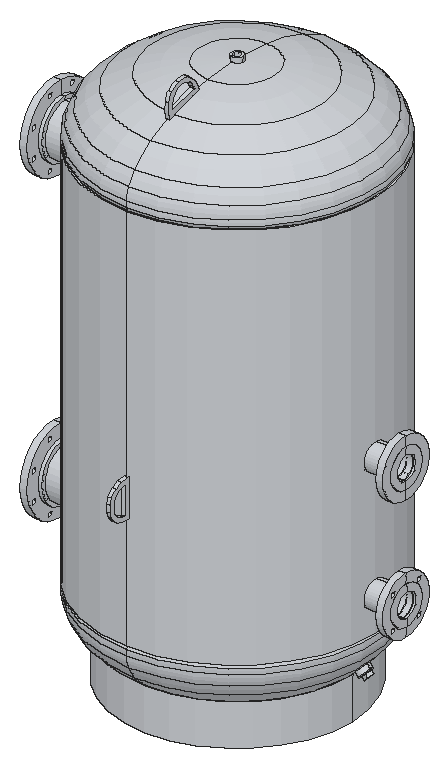
Revit family "HBT-300-36", category Generic Models, Revit 2014
Parameters (values of type "HBT-300-36")
  URL = "http://westank.com/"
  Tank Volume = 300.00 gal
  Part Number = 55643036
  Model = "HBT-300-36"
  Maximum Shipping Weight = 807 lbf
  G = 16"
  B = 6"
  A = 3"
  F = 32"
  E = 56"
  Description = "Wessels ASME 4-port primary-secondary Hot Water Buffer Tanks (HBT) are designed for use with today’s high efficiency systems that incorporate small modular low-mass boilers."
  D = 72"
  C = 36"
Reference planes (in)
  plane 1 "Center (Front/Back)": y = 0
  plane 2: z = 0
  plane 3 "Center (Left/Right)": x = 0
  plane 4: z = 0
  plane 5: x = -18
  plane 6: x = 18
  plane 7: z = 72
  plane 8: z = 56
  plane 9: z = 32
  plane 10: z = 16
Forms (in)
  Revolve 1, solid
    sketch origin (0, -0.02461, 0) x (0, 1, 0) y (0, 0, 1)
      loop
        line (-17.97559, 11.40987) -> (-17.77585, 11.40987)
        arc (-17.77585, 11.40987) -> (-17.77901, 11.38745) -> (-17.78675, 11.36617) r 0.10832
        line (-17.78675, 11.36617) -> (-17.97559, 10.97899)
        arc (-17.97559, 10.97899) -> (-17.97692, 10.6034) -> (-17.93634, 10.23002) r 3.36112
        arc (-17.93634, 10.23002) -> (-17.83534, 9.45516) -> (-17.56075, 8.72359) r 3.4127
        arc (-17.56075, 8.72359) -> (-17.14884, 7.91952) -> (-16.63227, 7.17835) r 6.68364
        arc (-16.63227, 7.17835) -> (-15.41449, 5.9118) -> (-13.99078, 4.88214) r 9.83519
        arc (-13.99078, 4.88214) -> (-12.33964, 3.99029) -> (-10.62031, 3.23825) r 22.63963
        arc (-10.62031, 3.23825) -> (-7.74153, 2.33452) -> (-4.76815, 1.82164) r 22.63963
        arc (-4.76815, 1.82164) -> (-2.37465, 1.61295) -> (0.02461, 1.4865) r 70.02787
        line (0.02461, 1.4865) -> (0.02461, 1.65848)
        arc (0.02461, 1.65848) -> (-2.3657, 1.78462) -> (-4.75028, 1.99258) r 69.85599
        arc (-4.75028, 1.99258) -> (-7.70109, 2.50157) -> (-10.55801, 3.39844) r 22.46775
        arc (-10.55801, 3.39844) -> (-12.26429, 4.14477) -> (-13.9029, 5.02985) r 22.46775
        arc (-13.9029, 5.02985) -> (-15.30173, 6.04151) -> (-16.49823, 7.28593) r 9.66331
        arc (-16.49823, 7.28593) -> (-17.00303, 8.01057) -> (-17.40515, 8.79685) r 6.51177
        arc (-17.40515, 8.79685) -> (-17.66943, 9.50016) -> (-17.76465, 10.24543) r 3.24083
        arc (-17.76465, 10.24543) -> (-17.80397, 10.58906) -> (-17.80585, 10.93493) r 3.18924
        line (-17.80585, 10.93493) -> (-17.63227, 11.29083)
        arc (-17.63227, 11.29083) -> (-17.60804, 11.35818) -> (-17.59889, 11.42917) r 0.33041
        line (-17.59889, 11.42917) -> (-17.80365, 11.42917) -> (-17.80365, 62.07314) -> (-17.59889, 62.07314)
        arc (-17.59889, 62.07314) -> (-17.60804, 62.14413) -> (-17.63227, 62.21149) r 0.33041
        line (-17.63227, 62.21149) -> (-17.80585, 62.56739)
        arc (-17.80585, 62.56739) -> (-17.80397, 62.91325) -> (-17.76465, 63.25688) r 3.18924
        arc (-17.76465, 63.25688) -> (-17.66943, 64.00215) -> (-17.40515, 64.70547) r 3.24083
        arc (-17.40515, 64.70547) -> (-17.00303, 65.49175) -> (-16.49823, 66.21639) r 6.51177
        arc (-16.49823, 66.21639) -> (-15.30173, 67.4608) -> (-13.9029, 68.47247) r 9.66331
        arc (-13.9029, 68.47247) -> (-12.26429, 69.35755) -> (-10.55801, 70.10388) r 22.46775
        arc (-10.55801, 70.10388) -> (-7.70109, 71.00074) -> (-4.75028, 71.50973) r 22.46775
        arc (-4.75028, 71.50973) -> (-2.3657, 71.71769) -> (0.02461, 71.84383) r 69.85599
        line (0.02461, 71.84383) -> (0.02461, 72.01582)
        arc (0.02461, 72.01582) -> (-2.37465, 71.88936) -> (-4.76815, 71.68068) r 70.02787
        arc (-4.76815, 71.68068) -> (-7.74153, 71.16779) -> (-10.62031, 70.26407) r 22.63963
        arc (-10.62031, 70.26407) -> (-12.33964, 69.51203) -> (-13.99078, 68.62018) r 22.63963
        arc (-13.99078, 68.62018) -> (-15.41449, 67.59052) -> (-16.63227, 66.32397) r 9.83519
        arc (-16.63227, 66.32397) -> (-17.14884, 65.58279) -> (-17.56075, 64.77872) r 6.68364
        arc (-17.56075, 64.77872) -> (-17.83534, 64.04715) -> (-17.93634, 63.2723) r 3.4127
        arc (-17.93634, 63.2723) -> (-17.97692, 62.89891) -> (-17.97559, 62.52332) r 3.36112
        line (-17.97559, 62.52332) -> (-17.78675, 62.13614)
        arc (-17.78675, 62.13614) -> (-17.77901, 62.11486) -> (-17.77585, 62.09244) r 0.10832
        line (-17.77585, 62.09244) -> (-17.97559, 62.09244) -> (-17.97559, 11.40987)
      axis (0.02461, 1.4865) -> (0.02461, 72.01582)
    angle from 0 to 360
  Revolve 2, solid
    sketch origin (1.3301, 0, 3.24654) x (0.990017, 0, -0.140951) y (0.140951, 0, 0.990017)
      loop
        line (14.71753, 6.11956) -> (14.66586, 6.1556) -> (14.25436, 5.56561) -> (14.86992, 5.13627) -> (15.24588, 5.6753) -> (15.19462, 5.71106) -> (15.31904, 5.88945) -> (14.80641, 6.24699) -> (14.71753, 6.11956)
      axis (14.25436, 5.56561) -> (14.86992, 5.13627)
    angle from 0 to 360
  Extrusion 3, solid
    sketch origin (16.3437, -180, 7.27869) x (0.681658, 0, 0.731671) y (0, -1, 0)
      loop
        line (-0.16036, -179.52645) -> (-0.95521, -179.68698) -> (-0.79485, -180.48095) -> (0, -180.32042) -> (-0.16036, -179.52645)
    from 1.02698 to 1.52678
  Extrusion 4, solid
    sketch origin (0, -6.04905, 4.9833) x (0, 1, 0) y (0, 0, 1)
      loop
        line (-11.93439, 21.33067) -> (-11.93439, 26.202)
        arc (-11.93439, 26.202) -> (-12.47846, 26.15164) -> (-13.01533, 26.05008) r 5.77422
        arc (-13.01533, 26.05008) -> (-13.49297, 25.89754) -> (-13.94252, 25.67548) r 3.35288
        arc (-13.94252, 25.67548) -> (-14.34081, 25.36666) -> (-14.64962, 24.96837) r 2.0073
        arc (-14.64962, 24.96837) -> (-14.80343, 24.58932) -> (-14.88788, 24.18906) r 2.30742
        arc (-14.88788, 24.18906) -> (-14.91277, 23.77188) -> (-14.88788, 23.3547) r 3.50846
        arc (-14.88788, 23.3547) -> (-14.79412, 22.92876) -> (-14.61961, 22.52904) r 2.24053
        arc (-14.61961, 22.52904) -> (-14.27401, 22.08806) -> (-13.80999, 21.77406) r 1.8078
        arc (-13.80999, 21.77406) -> (-13.34321, 21.55591) -> (-12.84107, 21.44044) r 2.44481
        arc (-12.84107, 21.44044) -> (-12.39043, 21.36326) -> (-11.93439, 21.33067) r 4.65484
      loop
        arc (-12.44611, 25.63929) -> (-12.67227, 25.60073) -> (-12.89654, 25.55235) r 5.2625
        arc (-12.89654, 25.55235) -> (-13.30128, 25.42308) -> (-13.68221, 25.23491) r 2.84116
        arc (-13.68221, 25.23491) -> (-13.97364, 25.01013) -> (-14.20134, 24.72098) r 1.49558
        arc (-14.20134, 24.72098) -> (-14.3163, 24.43235) -> (-14.37979, 24.12821) r 1.7957
        arc (-14.37979, 24.12821) -> (-14.40106, 23.77188) -> (-14.37979, 23.41555) r 2.99674
        arc (-14.37979, 23.41555) -> (-14.30745, 23.08689) -> (-14.17279, 22.77846) r 1.72881
        arc (-14.17279, 22.77846) -> (-13.91552, 22.45353) -> (-13.56884, 22.22643) r 1.29608
        arc (-13.56884, 22.22643) -> (-13.1779, 22.0402) -> (-12.75531, 21.94566) r 1.9331
        arc (-12.75531, 21.94566) -> (-12.60126, 21.91347) -> (-12.44611, 21.88716) r 4.14312
        line (-12.44611, 21.88716) -> (-12.44611, 25.63929)
    from -0.24366 to 0.25634
  Extrusion 5, solid
    sketch origin (0, -28.53332, 53.09576) x (0, 0.284015, -0.95882) y (0, 0.95882, 0.284015)
      loop
        arc (-11.9298, 25.67102) -> (-12.15596, 25.63246) -> (-12.38023, 25.58408) r 5.2625
        arc (-12.38023, 25.58408) -> (-12.78497, 25.45482) -> (-13.16591, 25.26664) r 2.84116
        arc (-13.16591, 25.26664) -> (-13.45733, 25.04186) -> (-13.68503, 24.75271) r 1.49558
        arc (-13.68503, 24.75271) -> (-13.8, 24.46408) -> (-13.86349, 24.15994) r 1.7957
        arc (-13.86349, 24.15994) -> (-13.88475, 23.80361) -> (-13.86349, 23.44728) r 2.99674
        arc (-13.86349, 23.44728) -> (-13.79114, 23.11862) -> (-13.65649, 22.81019) r 1.72881
        arc (-13.65649, 22.81019) -> (-13.39922, 22.48527) -> (-13.05253, 22.25816) r 1.29608
        arc (-13.05253, 22.25816) -> (-12.66159, 22.07193) -> (-12.239, 21.97739) r 1.9331
        arc (-12.239, 21.97739) -> (-12.08496, 21.94521) -> (-11.9298, 21.91889) r 4.14312
        line (-11.9298, 21.91889) -> (-11.9298, 25.67102)
      loop
        line (-11.25461, 21.34343) -> (-11.25461, 26.18965)
        arc (-11.25461, 26.18965) -> (-12.15974, 26.1622) -> (-13.02719, 25.90227) r 3.48194
        arc (-13.02719, 25.90227) -> (-13.54727, 25.6041) -> (-13.99851, 25.20943) r 3.03185
        arc (-13.99851, 25.20943) -> (-14.28248, 24.55653) -> (-14.39992, 23.8543) r 2.91879
        arc (-14.39992, 23.8543) -> (-14.3348, 23.1787) -> (-14.08611, 22.54717) r 2.44012
        arc (-14.08611, 22.54717) -> (-13.716, 22.08641) -> (-13.21844, 21.76749) r 1.83162
        arc (-13.21844, 21.76749) -> (-12.25729, 21.45928) -> (-11.25461, 21.34343) r 5.1769
    from -0.24366 to 0.25634
  Extrusion 6, solid
    sketch origin (0, 0, 0) x (1, 0, 0) y (0, 1, 0)
      loop
        circle (0, 0) r 0.75
      loop
        circle (0, 0) r 0.5
    from 71.36613 to 72.49354
  Extrusion 7, void
    sketch origin (0, 0, 0) x (1, 0, 0) y (0, 1, 0)
      loop
        circle (0, 0) r 0.5
    from 70.90268 to 73.75579
  Revolve 8, solid
    sketch origin (0, 0, 0) x (1, 0, 0) y (0, 0, 1)
      loop
        line (14.82824, 5.43485) -> (14.82824, 0) -> (15, 0) -> (15, 5.43485) -> (14.82824, 5.43485)
      axis (0, 5.43485) -> (0, 0)
    angle from 0 to 360
  Extrusion 9, solid
    sketch origin (16.3437, -180, 7.27869) x (0.681658, 0, 0.731671) y (0, -1, 0)
      loop
        line (-0.16036, -179.52645) -> (-0.95521, -179.68698) -> (-0.79485, -180.48095) -> (0, -180.32042) -> (-0.16036, -179.52645)
    from 1.02698 to 1.52678
  Extrusion 10, void
    sketch origin (0, 0, 0.25) x (0, 1, 0) y (0, 0, 1)
      loop
        circle (0, 55.75) r 3.03236
    from -21.98599 to -16.85333
  Extrusion 11, void
    sketch origin (-3.60333, 0.13917, 2.92009) x (0, 1, 0) y (0, 0, -1)
      loop
        circle (1.69719, -17.48433) r 0.39709
      loop
        circle (-1.9754, -17.46881) r 0.36639
      loop
        circle (-4.51769, -14.87895) r 0.39644
      loop
        circle (-4.52689, -11.27295) r 0.39509
      loop
        circle (-1.97257, -8.6987) r 0.36154
      loop
        circle (1.64514, -8.71232) r 0.37125
      loop
        circle (4.24496, -14.89528) r 0.38234
      loop
        circle (4.26498, -11.26686) r 0.36602
    from 22.86736 to 18.16765
  Revolve 12, solid
    sketch origin (-2.98639, 0, 1.50063) x (-1, 0, 0) y (0, 0, 1)
      loop
        line (19.42942, 11.18586) -> (19.42942, 10.71812) -> (19.99192, 10.71812) -> (19.99192, 8.99937) -> (20.92942, 8.99937) -> (20.92942, 10.24937) -> (20.99192, 10.24937) -> (20.99192, 11.18586) -> (19.42942, 11.18586)
      axis (20.99192, 14.49937) -> (19.42942, 14.49937)
    angle from 0 to 360
  Revolve 13, solid
    sketch origin (-3.58795, 0, 1.50258) x (1, 0, 0) y (0, 0, 1)
      loop
        line (-13.76536, 11.46505) -> (-19.89036, 11.46505) -> (-19.89036, 11.18492) -> (-13.76536, 11.18492) -> (-13.76536, 11.46505)
      axis (-19.89036, 14.49742) -> (-13.76536, 14.49742)
    angle from 0 to 360
  Extrusion 14, void
    sketch origin (0, 0, 0) x (0, 1, 0) y (0, 0, 1)
      loop
        circle (0, 16) r 3.03236
    from -25.80262 to -14.49862
  Revolve 15, solid
    sketch origin (-2.98639, 0, 41.50063) x (-1, 0, 0) y (0, 0, 1)
      loop
        line (19.42942, 11.18586) -> (19.42942, 10.71812) -> (19.99192, 10.71812) -> (19.99192, 8.99937) -> (20.92942, 8.99937) -> (20.92942, 10.24937) -> (20.99192, 10.24937) -> (20.99192, 11.18586) -> (19.42942, 11.18586)
      axis (20.99192, 14.49937) -> (19.42942, 14.49937)
    angle from 0 to 360
  Revolve 16, solid
    sketch origin (-3.58795, 0, 41.50258) x (1, 0, 0) y (0, 0, 1)
      loop
        line (-13.76536, 11.46505) -> (-19.89036, 11.46505) -> (-19.89036, 11.18492) -> (-13.76536, 11.18492) -> (-13.76536, 11.46505)
      axis (-19.89036, 14.49742) -> (-13.76536, 14.49742)
    angle from 0 to 360
  Extrusion 17, void
    sketch origin (-3.60333, 0.13917, 42.93945) x (0, 1, 0) y (0, 0, -1)
      loop
        circle (1.69719, -17.48433) r 0.39709
      loop
        circle (-1.9754, -17.46881) r 0.36639
      loop
        circle (-4.51769, -14.87895) r 0.39644
      loop
        circle (-4.52689, -11.27295) r 0.39509
      loop
        circle (-1.97257, -8.6987) r 0.36154
      loop
        circle (1.64514, -8.71232) r 0.37125
      loop
        circle (4.24496, -14.89528) r 0.38234
      loop
        circle (4.26498, -11.26686) r 0.36602
    from 22.86736 to 18.16765
  Revolve 18, solid
    sketch origin (3.00177, 0, 1.50063) x (1, 0, 0) y (0, 0, 1)
      loop
        line (17.8121, 12.9645) -> (17.8121, 12.37455) -> (18.0621, 12.37455) -> (18.0621, 10.7494) -> (18.9371, 10.7494) -> (18.9371, 11.9994) -> (18.9996, 11.9994) -> (18.9996, 12.9645) -> (17.8121, 12.9645)
      axis (18.9996, 14.49937) -> (17.8121, 14.49937)
    angle from 0 to 360
  Revolve 19, solid
    sketch origin (3.60333, 0, 1.50258) x (-1, 0, 0) y (0, 0, 1)
      loop
        line (-13.89804, 12.96328) -> (-18.02304, 12.96328) -> (-18.02304, 12.74742) -> (-13.89804, 12.74742) -> (-13.89804, 12.96328)
      axis (-18.02304, 14.49742) -> (-13.89804, 14.49742)
    angle from 0 to 360
  Extrusion 20, void
    sketch origin (3.60333, 0.13917, 1.92009) x (0, 1, 0) y (0, 0, 1)
      loop
        circle (1.97118, 16.20314) r 0.37532
      loop
        circle (1.96878, 11.97252) r 0.37532
      loop
        circle (-2.27402, 16.19873) r 0.37532
      loop
        circle (-2.3006, 11.98745) r 0.37532
    from 15.80097 to 20.25
  Revolve 21, solid
    sketch origin (2.99409, 0, 17.50063) x (1, 0, 0) y (0, 0, 1)
      loop
        line (17.8121, 12.9645) -> (17.8121, 12.37455) -> (18.0621, 12.37455) -> (18.0621, 10.7494) -> (18.9371, 10.7494) -> (18.9371, 11.9994) -> (18.9996, 11.9994) -> (18.9996, 12.9645) -> (17.8121, 12.9645)
      axis (18.9996, 14.49937) -> (17.8121, 14.49937)
    angle from 0 to 360
  Revolve 22, solid
    sketch origin (3.59565, 0, 17.50259) x (-1, 0, 0) y (0, 0, 1)
      loop
        line (-13.89804, 12.96328) -> (-18.02304, 12.96328) -> (-18.02304, 12.74742) -> (-13.89804, 12.74742) -> (-13.89804, 12.96328)
      axis (-18.02304, 14.49742) -> (-13.89804, 14.49742)
    angle from 0 to 360
  Extrusion 23, void
    sketch origin (34.97968, 0, -23.75) x (0, 1, 0) y (0, 0, 1)
      loop
        circle (0, 55.75) r 1.53414
    from -21.98599 to -8.57538
  Extrusion 24, void
    sketch origin (34.98737, 0, -39.75) x (0, 1, 0) y (0, 0, 1)
      loop
        circle (0, 55.75) r 1.53414
    from -21.98599 to -12.08307
Cuts and joins
  joined: Extrusion 3, Extrusion 4, Extrusion 5, Extrusion 6, Revolve 8
  Extrusion 7, Extrusion 10, Extrusion 14, Extrusion 23, Extrusion 24 cuts Revolve 1
  Extrusion 10 cuts Revolve 16
  Extrusion 11 cuts Revolve 12
  Extrusion 14 cuts Revolve 13
  Extrusion 17 cuts Revolve 15
  Extrusion 20 cuts Revolve 18
  Extrusion 23 cuts Revolve 22
  Extrusion 24 cuts Revolve 19
Dimensions and locks (in)
  "D": plane 7 to plane 4
  "G": plane 10 to plane 4
  "F": plane 9 to plane 4
  "E": plane 8 to plane 4
  "C": plane 6 to plane 5
  aligned and locked: plane 2 to level
Automatic sketch dimensions
  Revolve 1 sketch curve to Revolve 1 sketch curve = 0"  (x56)
  Revolve 1 sketch curve to plane 1 "Center (Front/Back)" = 0"  (x3)
  plane 1 "Center (Front/Back)" to Revolve 1 sketch curve = 2.43969"  (x2)
  Revolve 1 sketch curve to plane 10 = 2.66549"
  plane 1 "Center (Front/Back)" to Revolve 1 sketch curve = 8.98663"  (x2)
  plane 8 to Revolve 1 sketch curve = 4.16781"
  Revolve 1 sketch curve to Revolve 1 sketch curve = 2.45782"  (x2)
  Revolve 1 sketch curve to Revolve 1 sketch curve = 3.10417"  (x2)
  Revolve 1 sketch curve to Revolve 1 sketch curve = 0.0964"  (x2)
  Revolve 1 sketch curve to Revolve 1 sketch curve = 2.97849"  (x2)
  plane 8 to Revolve 1 sketch curve = 6.21149"
  Revolve 1 sketch curve to Revolve 1 sketch curve = 0.03338"  (x2)
  Revolve 1 sketch curve to plane 10 = 4.70917"
  Revolve 1 sketch curve to Revolve 1 sketch curve = 0.17696"  (x2)
  Revolve 1 sketch curve to plane 10 = 4.63383"
  Revolve 1 sketch curve to Revolve 1 sketch curve = 0.0109"  (x2)
  plane 8 to Revolve 1 sketch curve = 6.13614"
  Revolve 1 sketch curve to Revolve 1 sketch curve = 0.0278"
  plane 8 to Revolve 1 sketch curve = 6.56739"
  Revolve 1 sketch curve to Revolve 1 sketch curve = 0.17358"  (x2)
  Revolve 1 sketch curve to plane 10 = 5.06507"
  Revolve 1 sketch curve to Revolve 1 sketch curve = 0.08045"  (x2)
  Revolve 1 sketch curve to Revolve 1 sketch curve = 0.04514"  (x2)
  Revolve 1 sketch curve to Revolve 1 sketch curve = 0.04635"
  Revolve 1 sketch curve to plane 10 = 5.02101"
  Revolve 1 sketch curve to Revolve 1 sketch curve = 0.16974"  (x2)
  plane 8 to Revolve 1 sketch curve = 6.52332"
  Revolve 1 sketch curve to plane 7 = 0.52976"
  Revolve 1 sketch curve to plane 1 "Center (Front/Back)" = 2.48565"  (x2)
  Revolve 1 sketch curve to Revolve 1 sketch curve = 0.51151"
  Revolve 1 sketch curve to Revolve 1 sketch curve = 0.49854"  (x2)
  level to Revolve 1 sketch curve = 2.03208"
  level to Revolve 1 sketch curve = 1.65848"
  Revolve 1 sketch curve to Revolve 1 sketch curve = 0.17198"
  Revolve 1 sketch curve to Revolve 1 sketch curve = 1 249/256"  (x2)
  Revolve 1 sketch curve to Revolve 1 sketch curve = 0.0437"
  Revolve 1 sketch curve to Revolve 1 sketch curve = 0.0193"
  Revolve 1 sketch curve to plane 9 = 7.66135"
  Revolve 1 sketch curve to plane 8 = 6.83634"
  Revolve 1 sketch curve to Revolve 1 sketch curve = 0.0695"
  Revolve 1 sketch curve to Revolve 1 sketch curve = 0.02202"
  Revolve 1 sketch curve to Revolve 1 sketch curve = 0.64986"
  Revolve 1 sketch curve to plane 7 = 0.15617"
  plane 7 to Revolve 1 sketch curve = 0.01582"
  Revolve 1 sketch curve to plane 7 = 1.89612"
  level to Revolve 1 sketch curve = 3 51/128"
  Revolve 1 sketch curve to Revolve 1 sketch curve = 0.06229"  (x2)
  Revolve 1 sketch curve to Revolve 1 sketch curve = 0.90692"  (x2)
  Revolve 1 sketch curve to Revolve 1 sketch curve = 0.1556"  (x2)
  Revolve 1 sketch curve to plane 9 = 3.10692"
  plane 9 to Revolve 1 sketch curve = 0.64308"
  Revolve 2 sketch curve to plane 6 = 1.77337"
  level to Revolve 2 sketch curve = 6.74742"
  Revolve 2 sketch curve to Revolve 2 sketch curve = 0.4115"
  Revolve 2 sketch curve to Revolve 2 sketch curve = 0.05167"
  Revolve 2 sketch curve to Revolve 2 sketch curve = 0.08888"
  Revolve 2 sketch curve to Revolve 2 sketch curve = 0.61556"
  Revolve 2 sketch curve to Revolve 2 sketch curve = 0.47709"
  Revolve 2 sketch curve to Revolve 2 sketch curve = 0.05126"
  Revolve 2 sketch curve to Revolve 2 sketch curve = 0.42934"
  Revolve 2 sketch curve to Revolve 2 sketch curve = 0.12768"
  Revolve 2 sketch curve to Revolve 2 sketch curve = 0"  (x2)
  Revolve 2 sketch curve to Revolve 2 sketch curve = 0.08905"
  plane 1 "Center (Front/Back)" to Extrusion 3 sketch curve = 0.31302"
  Extrusion 3 sketch curve to plane 1 "Center (Front/Back)" = 0.48095"
  Extrusion 3 sketch curve to Extrusion 3 sketch curve = 0.16036"  (x2)
  plane 1 "Center (Front/Back)" to Extrusion 3 sketch curve = 0.47355"
  Extrusion 3 sketch curve to Extrusion 3 sketch curve = 0.79485"
  Extrusion 3 sketch curve to plane 1 "Center (Front/Back)" = 0.32042"
  Extrusion 4 sketch curve to Extrusion 4 sketch curve = 0"  (x24)
  Extrusion 4 sketch curve to plane 9 = 3.6065"
  plane 1 "Center (Front/Back)" to Extrusion 4 sketch curve = 19.09014"
  Extrusion 4 sketch curve to Extrusion 4 sketch curve = 0.11966"
  Extrusion 4 sketch curve to Extrusion 4 sketch curve = 0.25819"
  Extrusion 4 sketch curve to Extrusion 4 sketch curve = 17/256"
  Extrusion 4 sketch curve to Extrusion 4 sketch curve = 0.04958"
  Extrusion 4 sketch curve to Extrusion 4 sketch curve = 0.15073"
  Extrusion 4 sketch curve to Extrusion 4 sketch curve = 0.20915"
  Extrusion 4 sketch curve to Extrusion 4 sketch curve = 131/256"
  Extrusion 4 sketch curve to Extrusion 4 sketch curve = 0.10338"
  Extrusion 4 sketch curve to Extrusion 4 sketch curve = 0.25955"
  Extrusion 4 sketch curve to Extrusion 4 sketch curve = 1.14294"
  Extrusion 4 sketch curve to Extrusion 4 sketch curve = 0.62139"
  Extrusion 4 sketch curve to Extrusion 4 sketch curve = 0.90165"
  Extrusion 4 sketch curve to Extrusion 4 sketch curve = 0.55648"
  Extrusion 4 sketch curve to Extrusion 4 sketch curve = 0.89706"
  Extrusion 4 sketch curve to Extrusion 4 sketch curve = 27/128"
  Extrusion 4 sketch curve to Extrusion 4 sketch curve = 0.15076"
  Extrusion 4 sketch curve to Extrusion 4 sketch curve = 0.24641"
  Extrusion 4 sketch curve to Extrusion 4 sketch curve = 0.04716"
  Extrusion 4 sketch curve to Extrusion 4 sketch curve = 0.0326"
  Extrusion 4 sketch curve to plane 9 = 1.37741"
  Extrusion 4 sketch curve to Extrusion 4 sketch curve = 0.34507"
  Extrusion 4 sketch curve to Extrusion 4 sketch curve = 0.21764"
  Extrusion 4 sketch curve to Extrusion 4 sketch curve = 1.12273"
  Extrusion 4 sketch curve to Extrusion 4 sketch curve = 0.78568"
  Extrusion 4 sketch curve to Extrusion 4 sketch curve = 0.24115"
  Extrusion 4 sketch curve to Extrusion 4 sketch curve = 0.2603"
  Extrusion 4 sketch curve to Extrusion 4 sketch curve = 0.60395"
  Extrusion 4 sketch curve to Extrusion 4 sketch curve = 0.51913"
  Extrusion 4 sketch curve to Extrusion 4 sketch curve = 0.44682"
  Extrusion 4 sketch curve to Extrusion 4 sketch curve = 0.44829"
  Extrusion 6 sketch curve to Extrusion 6 sketch curve = 0"  (x2)
  plane 1 "Center (Front/Back)" to Extrusion 6 sketch curve = 0"
  Extrusion 6 sketch curve to plane 3 "Center (Left/Right)" = 0"
  Extrusion 7 sketch curve to Extrusion 7 sketch curve = 0"  (x2)
  plane 1 "Center (Front/Back)" to Extrusion 7 sketch curve = 0"
  Extrusion 7 sketch curve to plane 3 "Center (Left/Right)" = 0"
  Extrusion 7 sketch curve to plane 3 "Center (Left/Right)" = 1/2"
  Revolve 8 sketch curve to plane 3 "Center (Left/Right)" = 0"
  Revolve 8 sketch curve to level = 0"
  Revolve 8 sketch curve to plane 6 = 3.17176"
  Revolve 8 sketch curve to Revolve 8 sketch curve = 0.17176"
  level to Revolve 8 sketch curve = 5.43485"
  level to Revolve 8 sketch curve = 4.69941"
  Revolve 8 sketch curve to Revolve 8 sketch curve = 1"
  Extrusion 5 sketch curve to plane 7 = 0.23736"
  plane 1 "Center (Front/Back)" to Extrusion 5 sketch curve = 9.61397"
  Extrusion 5 sketch curve to Extrusion 5 sketch curve = 0.03301"
  Extrusion 5 sketch curve to Extrusion 5 sketch curve = 0.08665"
  Extrusion 5 sketch curve to Extrusion 5 sketch curve = 0.34483"
  Extrusion 5 sketch curve to Extrusion 5 sketch curve = 17/256"
  Extrusion 5 sketch curve to Extrusion 5 sketch curve = 0.04958"
  Extrusion 5 sketch curve to Extrusion 5 sketch curve = 0.06885"
  Extrusion 5 sketch curve to Extrusion 5 sketch curve = 0.15073"
  Extrusion 5 sketch curve to Extrusion 5 sketch curve = 0.36028"
  Extrusion 5 sketch curve to Extrusion 5 sketch curve = 0.06601"
  Extrusion 5 sketch curve to Extrusion 5 sketch curve = 0.11815"
  Extrusion 5 sketch curve to Extrusion 5 sketch curve = 0.47821"
  Extrusion 5 sketch curve to Extrusion 5 sketch curve = 0.6151"
  Extrusion 5 sketch curve to Extrusion 5 sketch curve = 0.0601"
  Extrusion 5 sketch curve to Extrusion 5 sketch curve = 0.09002"
  Extrusion 5 sketch curve to Extrusion 5 sketch curve = 0.09607"
  Extrusion 5 sketch curve to Extrusion 5 sketch curve = 0.59588"
  Extrusion 5 sketch curve to Extrusion 5 sketch curve = 0.3061"
  Extrusion 5 sketch curve to Extrusion 5 sketch curve = 0.31529"
  Extrusion 5 sketch curve to Extrusion 5 sketch curve = 0.0954"
  Extrusion 5 sketch curve to Extrusion 5 sketch curve = 0.80625"
  Extrusion 5 sketch curve to Extrusion 5 sketch curve = 0.57547"
  Extrusion 5 sketch curve to Extrusion 5 sketch curve = 0.87808"
  Extrusion 5 sketch curve to Extrusion 5 sketch curve = 0.00686"
  Extrusion 5 sketch curve to Extrusion 5 sketch curve = 0.20406"
  Extrusion 5 sketch curve to Extrusion 5 sketch curve = 0.59172"
  Extrusion 5 sketch curve to Extrusion 5 sketch curve = 0.09548"
  Extrusion 5 sketch curve to Extrusion 5 sketch curve = 0.07607"
  Extrusion 5 sketch curve to Extrusion 5 sketch curve = 0.15093"
  Extrusion 5 sketch curve to Extrusion 5 sketch curve = 0.04716"
  Extrusion 5 sketch curve to Extrusion 5 sketch curve = 0.0326"
  Extrusion 5 sketch curve to Extrusion 5 sketch curve = 1.7246"
  Extrusion 5 sketch curve to Extrusion 5 sketch curve = 0.34507"
  Extrusion 5 sketch curve to Extrusion 5 sketch curve = 0.17356"
  Extrusion 5 sketch curve to Extrusion 5 sketch curve = 0.32989"
  Extrusion 5 sketch curve to Extrusion 5 sketch curve = 0"  (x6)
  Extrusion 5 sketch curve to Extrusion 5 sketch curve = 0.1659"
  Extrusion 5 sketch curve to Extrusion 5 sketch curve = 0.13872"
  Extrusion 5 sketch curve to Extrusion 5 sketch curve = 0.42962"
  Extrusion 5 sketch curve to Extrusion 5 sketch curve = 0.51913"
  Extrusion 5 sketch curve to Extrusion 5 sketch curve = 0.31348"
  plane 1 "Center (Front/Back)" to Extrusion 9 sketch curve = 0.31302"
  Extrusion 9 sketch curve to plane 1 "Center (Front/Back)" = 0.48095"
  Extrusion 9 sketch curve to Extrusion 9 sketch curve = 0.16036"  (x2)
  plane 1 "Center (Front/Back)" to Extrusion 9 sketch curve = 0.47355"
  Extrusion 9 sketch curve to Extrusion 9 sketch curve = 0.79485"
  Extrusion 9 sketch curve to plane 1 "Center (Front/Back)" = 0.32042"
  Extrusion 10 sketch curve to Extrusion 10 sketch curve = 0"  (x2)
  Extrusion 10 sketch curve to plane 1 "Center (Front/Back)" = 0"
  Extrusion 10 sketch curve to plane 8 = 0"
  Extrusion 10 sketch curve to plane 8 = 3.03236"
  Extrusion 11 sketch curve to plane 10 = 1.80696"
  plane 1 "Center (Front/Back)" to Extrusion 11 sketch curve = 4.38772"
  plane 10 to Extrusion 11 sketch curve = 1.79904"
  Extrusion 11 sketch curve to Extrusion 11 sketch curve = 0.0092"
  plane 1 "Center (Front/Back)" to Extrusion 11 sketch curve = 1.83624"
  plane 1 "Center (Front/Back)" to Extrusion 11 sketch curve = 1.8334"
  Extrusion 11 sketch curve to plane 1 "Center (Front/Back)" = 1.78431"
  Extrusion 11 sketch curve to plane 1 "Center (Front/Back)" = 1.83636"
  plane 10 to Extrusion 11 sketch curve = 1.81537"
  Extrusion 11 sketch curve to Extrusion 11 sketch curve = 2.54777"
  Extrusion 11 sketch curve to plane 10 = 1.81305"
  Extrusion 11 sketch curve to Extrusion 11 sketch curve = 0.02003"
  Extrusion 11 sketch curve to Extrusion 11 sketch curve = 2 151/256"
  Extrusion 11 sketch curve to Extrusion 11 sketch curve = 2.58906"
  Extrusion 11 sketch curve to Extrusion 11 sketch curve = 2.55454"
  Extrusion 11 sketch curve to Extrusion 11 sketch curve = 0.01362"
  Revolve 12 sketch curve to plane 10 = 0"
  plane 5 to Revolve 12 sketch curve = 4.41581"
  Revolve 12 sketch curve to Revolve 12 sketch curve = 9/16"
  Revolve 12 sketch curve to Revolve 12 sketch curve = 15/16"
  Revolve 12 sketch curve to Revolve 12 sketch curve = 1/16"
  plane 10 to Revolve 12 sketch curve = 3.31351"
  Revolve 12 sketch curve to Revolve 12 sketch curve = 0.46774"
  Revolve 12 sketch curve to Revolve 12 sketch curve = 0.9365"
  Revolve 12 sketch curve to Revolve 12 sketch curve = 1 1/4"
  Revolve 12 sketch curve to plane 5 = 0.59331"
  Revolve 12 sketch curve to Revolve 12 sketch curve = 0.68278"
  Revolve 13 sketch curve to plane 10 = 0"
  Revolve 13 sketch curve to plane 5 = 5.47831"
  plane 5 to Revolve 13 sketch curve = 0.64669"
  Revolve 13 sketch curve to plane 10 = 3.03236"
  Revolve 13 sketch curve to Revolve 13 sketch curve = 0.28014"
  Revolve 13 sketch curve to plane 5 = 0.15872"
  plane 5 to Revolve 13 sketch curve = 0.20143"
  Extrusion 14 sketch curve to Extrusion 14 sketch curve = 0"  (x2)
  Extrusion 14 sketch curve to plane 1 "Center (Front/Back)" = 0"
  Extrusion 14 sketch curve to plane 10 = 0"
  Extrusion 14 sketch curve to plane 10 = 3.03236"
  Revolve 15 sketch curve to plane 8 = 0"
  plane 5 to Revolve 15 sketch curve = 4.41581"
  Revolve 15 sketch curve to Revolve 15 sketch curve = 9/16"
  Revolve 15 sketch curve to Revolve 15 sketch curve = 15/16"
  Revolve 15 sketch curve to Revolve 15 sketch curve = 1/16"
  plane 8 to Revolve 15 sketch curve = 3.31351"
  Revolve 15 sketch curve to Revolve 15 sketch curve = 0.46774"
  Revolve 15 sketch curve to Revolve 15 sketch curve = 0.9365"
  Revolve 15 sketch curve to Revolve 15 sketch curve = 1 1/4"
  Revolve 15 sketch curve to plane 5 = 0.59331"
  Revolve 15 sketch curve to Revolve 15 sketch curve = 0.68278"
  Revolve 16 sketch curve to plane 8 = 0"
  Revolve 16 sketch curve to plane 5 = 5.47831"
  plane 5 to Revolve 16 sketch curve = 0.64669"
  Revolve 16 sketch curve to plane 8 = 3.03236"
  Revolve 16 sketch curve to Revolve 16 sketch curve = 0.28014"
  Revolve 16 sketch curve to plane 5 = 0.15872"
  plane 5 to Revolve 16 sketch curve = 0.20143"
  Extrusion 17 sketch curve to plane 8 = 1.78759"
  plane 1 "Center (Front/Back)" to Extrusion 17 sketch curve = 4.38772"
  Extrusion 17 sketch curve to Extrusion 17 sketch curve = 0.0092"
  plane 1 "Center (Front/Back)" to Extrusion 17 sketch curve = 1.83624"
  plane 1 "Center (Front/Back)" to Extrusion 17 sketch curve = 1.8334"
  Extrusion 17 sketch curve to plane 1 "Center (Front/Back)" = 1.78431"
  Extrusion 17 sketch curve to plane 1 "Center (Front/Back)" = 1.83636"
  Extrusion 17 sketch curve to Extrusion 17 sketch curve = 2.54777"
  Extrusion 17 sketch curve to plane 8 = 1.79368"
  Extrusion 17 sketch curve to Extrusion 17 sketch curve = 0.02003"
  plane 8 to Extrusion 17 sketch curve = 1.8184"
  plane 8 to Extrusion 17 sketch curve = 1.83473"
  Extrusion 17 sketch curve to Extrusion 17 sketch curve = 2 151/256"
  Extrusion 17 sketch curve to Extrusion 17 sketch curve = 2.58906"
  Extrusion 17 sketch curve to Extrusion 17 sketch curve = 2.55454"
  Extrusion 17 sketch curve to Extrusion 17 sketch curve = 0.01362"
  Revolve 18 sketch curve to plane 10 = 0"
  plane 6 to Revolve 18 sketch curve = 2.81387"
  Revolve 18 sketch curve to Revolve 18 sketch curve = 1/4"
  Revolve 18 sketch curve to Revolve 18 sketch curve = 7/8"
  Revolve 18 sketch curve to Revolve 18 sketch curve = 1/16"
  Revolve 18 sketch curve to plane 10 = 1.53487"
  Revolve 18 sketch curve to Revolve 18 sketch curve = 0.58995"
  Revolve 18 sketch curve to Revolve 18 sketch curve = 0.96511"
  Revolve 18 sketch curve to Revolve 18 sketch curve = 1 1/4"
  Revolve 18 sketch curve to plane 6 = 0.57793"
  Revolve 18 sketch curve to Revolve 18 sketch curve = 0.68278"
  Revolve 19 sketch curve to plane 10 = 0"
  plane 10 to Revolve 19 sketch curve = 1 3/4"
  Revolve 19 sketch curve to plane 6 = 3.62637"
  plane 6 to Revolve 19 sketch curve = 0.49863"
  Revolve 19 sketch curve to Revolve 19 sketch curve = 0.21586"
  Revolve 19 sketch curve to plane 6 = 0.1741"
  plane 6 to Revolve 19 sketch curve = 0.18605"
  plane 1 "Center (Front/Back)" to Extrusion 20 sketch curve = 2.16143"
  plane 1 "Center (Front/Back)" to Extrusion 20 sketch curve = 2.13485"
  Extrusion 20 sketch curve to plane 1 "Center (Front/Back)" = 2.10795"
  Extrusion 20 sketch curve to plane 1 "Center (Front/Back)" = 2.11035"
  Extrusion 20 sketch curve to plane 10 = 2.10739"
  Extrusion 20 sketch curve to plane 10 = 2.09245"
  plane 10 to Extrusion 20 sketch curve = 2.11883"
  plane 10 to Extrusion 20 sketch curve = 2.12323"
  plane 6 to Revolve 21 sketch curve = 2.80619"
  Revolve 21 sketch curve to Revolve 21 sketch curve = 1/4"
  Revolve 21 sketch curve to Revolve 21 sketch curve = 7/8"
  Revolve 21 sketch curve to Revolve 21 sketch curve = 1/16"
  Revolve 21 sketch curve to plane 9 = 3.74997"
  Revolve 21 sketch curve to Revolve 21 sketch curve = 1 1/4"
  Revolve 21 sketch curve to Revolve 21 sketch curve = 0.37515"
  Revolve 21 sketch curve to Revolve 21 sketch curve = 0.58995"
  plane 9 to Revolve 21 sketch curve = 0"
  Revolve 21 sketch curve to plane 6 = 0.58561"
  Revolve 21 sketch curve to Revolve 21 sketch curve = 0.68278"
  plane 9 to Revolve 22 sketch curve = 1 3/4"
  Revolve 22 sketch curve to plane 6 = 3.61869"
  plane 6 to Revolve 22 sketch curve = 0.50631"
  Revolve 22 sketch curve to Revolve 22 sketch curve = 0.21586"
  Revolve 22 sketch curve to plane 9 = 0"
  Revolve 22 sketch curve to plane 6 = 0.16642"
  plane 6 to Revolve 22 sketch curve = 0.19373"
  Extrusion 23 sketch curve to Extrusion 23 sketch curve = 0"  (x2)
  Extrusion 23 sketch curve to plane 1 "Center (Front/Back)" = 0"
  plane 9 to Extrusion 23 sketch curve = 0"
  Extrusion 23 sketch curve to plane 9 = 1.53414"
  Extrusion 24 sketch curve to Extrusion 24 sketch curve = 0"  (x2)
  Extrusion 24 sketch curve to plane 1 "Center (Front/Back)" = 0"
  Extrusion 24 sketch curve to plane 10 = 0"
  Extrusion 24 sketch curve to plane 10 = 1.53414"
  radius of Extrusion 6 sketch curve = 3/4"
  radius of Extrusion 6 sketch curve = 1/2"
  radius of Extrusion 11 sketch curve = 0.39709"
  radius of Extrusion 11 sketch curve = 0.36639"
  radius of Extrusion 11 sketch curve = 0.39644"
  radius of Extrusion 11 sketch curve = 0.39509"
  radius of Extrusion 11 sketch curve = 0.36154"
  radius of Extrusion 11 sketch curve = 0.37125"
  radius of Extrusion 11 sketch curve = 0.38234"
  radius of Extrusion 11 sketch curve = 0.36602"
  radius of Extrusion 17 sketch curve = 0.39709"
  radius of Extrusion 17 sketch curve = 0.36639"
  radius of Extrusion 17 sketch curve = 0.39644"
  radius of Extrusion 17 sketch curve = 0.39509"
  radius of Extrusion 17 sketch curve = 0.36154"
  radius of Extrusion 17 sketch curve = 0.37125"
  radius of Extrusion 17 sketch curve = 0.38234"
  radius of Extrusion 17 sketch curve = 0.36602"
  radius of Extrusion 20 sketch curve = 0.37532"  (x4)
Connectors (in)
  piping at (-23.97831, 0, 16), diameter 6, driven by "B"
    settings: on Revolve 12, index 19, connector inside diameter 24", connector length 0", flow factor 0, pipe flow 0 GPM, pressure drop 0.00 psi, fitting loss kfactor 0, connector angle 0°, fixture units 0, engagement length 0", angle of deflection 0°, flow configuration 0, flow direction 0, fitting loss method 0, system type 7, joint type 0, gender type 0, connector reference index -1, connector utility 0, adjustable connector no, is connector primary yes, connector description ""
  piping at (-23.97831, 0, 56), diameter 6, driven by "B"
    settings: on Revolve 15, index 20, connector inside diameter 24", connector length 0", flow factor 0, pipe flow 0 GPM, pressure drop 0.00 psi, fitting loss kfactor 0, connector angle 0°, fixture units 0, engagement length 0", angle of deflection 0°, flow configuration 0, flow direction 0, fitting loss method 0, system type 7, joint type 0, gender type 0, connector reference index -1, connector utility 0, adjustable connector no, is connector primary no, connector description ""
  piping at (22.00137, 0, 16), diameter 3, driven by "A"
    settings: on Revolve 18, index 21, connector inside diameter 24", connector length 0", flow factor 0, pipe flow 0 GPM, pressure drop 0.00 psi, fitting loss kfactor 0, connector angle 0°, fixture units 0, engagement length 0", angle of deflection 0°, flow configuration 0, flow direction 0, fitting loss method 0, system type 7, joint type 0, gender type 0, connector reference index -1, connector utility 0, adjustable connector no, is connector primary no, connector description ""
  piping at (21.99369, 0, 32), diameter 3, driven by "A"
    settings: on Revolve 21, index 22, connector inside diameter 24", connector length 0", flow factor 0, pipe flow 0 GPM, pressure drop 0.00 psi, fitting loss kfactor 0, connector angle 0°, fixture units 0, engagement length 0", angle of deflection 0°, flow configuration 0, flow direction 0, fitting loss method 0, system type 7, joint type 0, gender type 0, connector reference index -1, connector utility 0, adjustable connector no, is connector primary no, connector description ""
